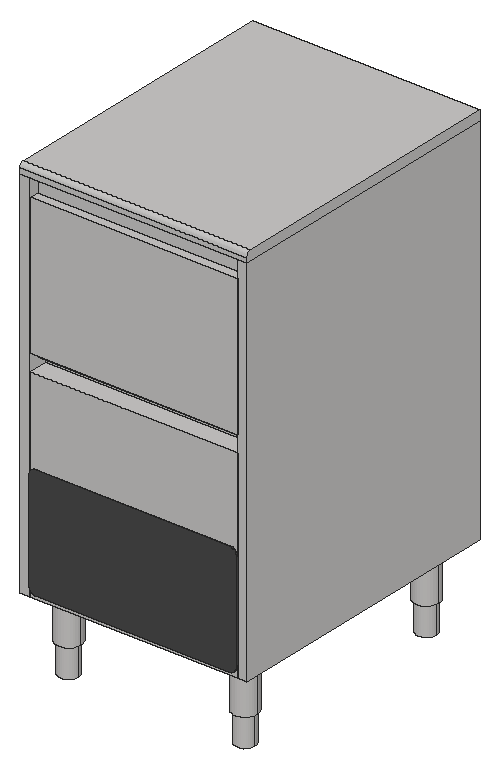
Revit family "QF_ZANUSSI_730287_IGE94I20SNP", category Attrezzature speciali, Revit 2018
Family settings
  Quota connettore circolare = Usa diametro
  Tipo di parte = Normale
  Basato su piano di lavoro = No
  Sempre verticale = Sì
  Taglio con vuoti quando caricato = No
  Condiviso = No
  Punto di calcolo locali = No
Parameters (values of type "Standard")
  Weight = 58.00 kg
  Watts = 0 W
  Volts = 220 V
  URL Manufacturer = "http://www.zanussiprofessional.com"
  URL = "http://www.zanussiprofessional.com"
  Steam Supply Size = 0 mm
  Steam Supply Minimum Pressure = 0.0 Pa
  Steam Supply Maximum Pressure = 0.0 Pa
  Steam Pounds per Hour = 0
  Show Logo [instance] = yes
  Show Clearance [instance] = yes
  Refrigeration Suction Line Size = 0 mm
  Refrigeration Liquid Line Size = 0 mm
  Refrigerant Compressor Remote = yes
  Produttore = "Zanussi"
  Phase = 1
  Modello = "IGE94I20SNP"
  Length Actual = 465 mm  # constant formula
  Item Number = "730287"
  Hot Water Size = 0 mm
  Height Actual = 889 mm  # constant formula
  HP = "0 HP"
  Gas Size = 0 mm
  Gas KW = 0
  Gas Input Pressure = 0 W
  Descrizione = "AIR COOLED GRANULAR ICE XS 94KG/24H-BIN 20KG"
  Depth Actual = 595 mm  # constant formula
  Cycle = 50 Hz
  Condensate Return Size = 0 mm
  Compressed Air Volume = 0.0 L/s
  Compressed Air Size = 0 mm
  Compressed Air Pressure = 0.0 Pa
  Cold Water Size = 19.05 mm
  Accessory = yes
Reference planes
  plane 1 "Center X": y = 272.851
  plane 2: z = 0
  plane 3 "Center Y": x = -501.5
  plane 4 "LEFT": x = -734
  plane 5 "RIGHT": x = -269
  plane 6 "FRONT": y = -24.649
  plane 7 "BACK": y = 570.351
  plane 8: z = 155
  plane 9: z = 943
  plane 10: z = 923
  plane 11: x = -714
  plane 12: x = -289
  plane 13: y = 15.351
Forms (mm)
  Extrusion 1, solid, material "QF_Finishes_Black"
    sketch origin (-217.296, -24.649, 371.513) x (-1, 0, 0) y (0, 0, -1)
      loop
        arc (481.704, -21.487) -> (492.311, -17.093) -> (496.704, -6.487) r 15
        line (496.704, -6.487) -> (496.704, 194.469)
        arc (496.704, 194.469) -> (492.311, 205.075) -> (481.704, 209.469) r 15
        line (481.704, 209.469) -> (86.704, 209.469)
        arc (86.704, 209.469) -> (76.097, 205.075) -> (71.704, 194.469) r 15
        line (71.704, 194.469) -> (71.704, -6.487)
        arc (71.704, -6.487) -> (76.097, -17.093) -> (86.704, -21.487) r 15
        line (86.704, -21.487) -> (481.704, -21.487)
    from 0 to 2
  Extrusion 2, solid, material "QF_Finishes_Stainless Steel"
    sketch origin (-501.5, 0, 0) x (0, 1, 0) y (0, 0, 1)
      loop
        line (570.351, 923) -> (570.351, 943) -> (-14.649, 943)
        arc (-14.649, 943) -> (-21.72, 940.071) -> (-24.649, 933) r 10
        line (-24.649, 933) -> (-24.649, 923) -> (570.351, 923)
    from -232.5 to 232.5
  Extrusion 3, solid, material "QF_Finishes_Stainless Steel"
    sketch origin (-321.2, 570.351, -329.545) x (1, 0, 0) y (0, 0, -1)
      loop
        circle (-16.8, -655.545) r 10
    from 0 to 10
  Extrusion 4, solid, material "QF_Finishes_Stainless Steel"
    sketch origin (0, 0, 0) x (1, 0, 0) y (0, 1, 0)
      loop
        line (-734, 570.351) -> (-734, -24.649) -> (-714, -24.649) -> (-714, 570.351) -> (-734, 570.351)
    from 155 to 923
  Extrusion 5, solid, material "QF_Finishes_Stainless Steel"
    sketch origin (0, 0, 0) x (1, 0, 0) y (0, 1, 0)
      loop
        line (-289, 570.351) -> (-289, -24.649) -> (-269, -24.649) -> (-269, 570.351) -> (-289, 570.351)
    from 155 to 923
  Extrusion 6, solid, material "QF_Finishes_Stainless Steel"
    sketch origin (0, 0, 0) x (1, 0, 0) y (0, 1, 0)
      loop
        line (-714, 570.351) -> (-714, 15.351) -> (-289, 15.351) -> (-289, 570.351) -> (-714, 570.351)
    from 155 to 923
  Extrusion 7, solid, material "QF_Finishes_Stainless Steel"
    sketch origin (0, 0, 0) x (1, 0, 0) y (0, 1, 0)
      loop
        line (-714, -24.649) -> (-289, -24.649) -> (-289, 15.351) -> (-714, 15.351) -> (-714, -24.649)
    from 155 to 567.953
  Extrusion 8, solid, material "QF_Finishes_Stainless Steel"
    sketch origin (-501.5, 0, 0) x (0, 1, 0) y (0, 0, 1)
      loop
        line (15.351, 923) -> (-4.649, 923) -> (-4.649, 887) -> (-24.649, 887) -> (-24.649, 601.652) -> (-4.649, 601.652) -> (-4.649, 586.652) -> (15.351, 586.652) -> (15.351, 923)
    from -212.5 to 212.5
  Extrusion 9, solid, material "QF_Finishes_Stainless Steel"
    sketch origin (-303.2, 570.351, -440.545) x (1, 0, 0) y (0, 0, -1)
      loop
        circle (-16.8, -655.545) r 10
    from 0 to 10
  Extrusion 10, solid, material "QF_Finishes_Stainless Steel"
    sketch origin (-363.2, 570.351, -361.545) x (1, 0, 0) y (0, 0, -1)
      loop
        circle (-16.8, -655.545) r 10
    from 0 to 10
Lines and regions (mm)
  Split face 1
    outline origin (-501.5, -4.649, 923) x (0, 0, -1) y (1, 0, 0)
      loop
        line (5.715, 89.928) -> (30.715, 89.928) -> (30.715, 129.928) -> (5.715, 129.928) -> (5.715, 89.928)
  symbolic lines
    curve 1: line (-734, 570.351, 0) -> (-269, 570.351, 0)
    curve 2: line (-734, -24.649, 0) -> (-734, 570.351, 0)
    curve 3: line (-269, -24.649, 0) -> (-734, -24.649, 0)
    curve 4: line (-269, 570.351, 0) -> (-269, -24.649, 0)
Dimensions and locks
  equal spacing: plane 4 "LEFT", plane 3 "Center Y", plane 5 "RIGHT"
  plane 4 "LEFT" to plane 5 "RIGHT" = 465 mm
  equal spacing: plane 7 "BACK", plane 1 "Center X", plane 6 "FRONT"
  plane 7 "BACK" to plane 6 "FRONT" = 595 mm
  plane 8 to plane 2 = 155 mm
  plane 9 to plane 8 = 788 mm
  locked: plane 4 "LEFT" to plane 11 at 20
  locked: plane 12 to plane 5 "RIGHT" at 20
  locked: plane 9 to plane 10 at 20
  locked: plane 13 to plane 6 "FRONT" at 40
  aligned and locked: level to plane 2
  aligned and locked: plane 5 "RIGHT" to Extrusion 2
  aligned and locked: Extrusion 2 to plane 4 "LEFT"
  aligned and locked: Extrusion 4 sketch curve to Extrusion 2  (x2)
  aligned and locked: plane 6 "FRONT" to Extrusion 4 sketch curve
  aligned and locked: Extrusion 4 sketch curve to plane 11
  aligned and locked: Extrusion 5 sketch curve to plane 7 "BACK"
  aligned and locked: plane 12 to Extrusion 5 sketch curve
  aligned and locked: Extrusion 5 sketch curve to Extrusion 2  (x2)
  aligned and locked: plane 10 to Extrusion 4
  aligned and locked: plane 10 to Extrusion 5
  aligned and locked: Extrusion 4 to plane 8
  aligned and locked: Extrusion 5 to plane 8
  aligned and locked: Extrusion 6 sketch curve to Extrusion 4
  aligned and locked: Extrusion 4 to Extrusion 6 sketch curve
  aligned and locked: plane 13 to Extrusion 6 sketch curve
  aligned and locked: Extrusion 6 sketch curve to plane 12
  aligned and locked: plane 10 to Extrusion 6
  aligned and locked: Extrusion 6 to plane 8
  aligned and locked: Extrusion 4 to Extrusion 7 sketch curve
  aligned and locked: Extrusion 7 sketch curve to Extrusion 4
  aligned and locked: plane 13 to Extrusion 7 sketch curve
  aligned and locked: plane 12 to Extrusion 7 sketch curve
  aligned and locked: Extrusion 7 to plane 8
  aligned and locked: plane 12 to Extrusion 8
  aligned and locked: Extrusion 8 to plane 11
Automatic sketch dimensions
  curve 3 to plane 4 "LEFT" = 0 mm
  curve 3 to plane 5 "RIGHT" = 0 mm
  curve 3 to plane 6 "FRONT" = 0 mm
  curve 2 to plane 7 "BACK" = 0 mm
  Extrusion 1 sketch curve to plane 12 = 0 mm
  plane 8 to Extrusion 1 sketch curve = 7.044 mm
  Extrusion 1 sketch curve to Extrusion 1 sketch curve = 15 mm  (x3)
  plane 11 to Extrusion 1 sketch curve = 15 mm  (x2)
  Extrusion 1 sketch curve to Extrusion 1 sketch curve = 200.956 mm
  Extrusion 2 sketch curve to plane 6 "FRONT" = 0 mm
  Extrusion 2 sketch curve to plane 9 = 0 mm
  Extrusion 2 sketch curve to plane 7 "BACK" = 0 mm
  Extrusion 2 sketch curve to plane 10 = 0 mm
  plane 6 "FRONT" to Extrusion 2 sketch curve = 10 mm
  Extrusion 6 to Extrusion 3 sketch curve = 171 mm
  Extrusion 3 sketch curve to Extrusion 6 = 49 mm
  Split face 1 sketch curve to Extrusion 8 = 5.715 mm
  Extrusion 8 to Split face 1 sketch curve = 5.285 mm
  Split face 1 sketch curve to Extrusion 8 = 122.572 mm
  Split face 1 sketch curve to Split face 1 sketch curve = 40 mm
  Extrusion 9 sketch curve to Extrusion 6 = 31 mm
  Extrusion 6 to Extrusion 9 sketch curve = 60 mm
  Extrusion 10 sketch curve to Extrusion 6 = 91 mm
  Extrusion 6 to Extrusion 10 sketch curve = 139 mm
  Extrusion 8 sketch curve to plane 6 "FRONT" = 0 mm
  Extrusion 8 sketch curve to plane 10 = 0 mm
  Extrusion 8 sketch curve to plane 13 = 0 mm
  plane 6 "FRONT" to Extrusion 8 sketch curve = 20 mm
  Extrusion 8 sketch curve to Extrusion 8 sketch curve = 20 mm
  Extrusion 8 sketch curve to plane 10 = 36 mm
  Extrusion 8 sketch curve to Extrusion 8 sketch curve = 285.348 mm
  Extrusion 8 sketch curve to Extrusion 8 sketch curve = 15 mm
  radius of Extrusion 3 sketch curve = 10 mm
  radius of Extrusion 9 sketch curve = 10 mm
  radius of Extrusion 10 sketch curve = 10 mm
Nested families
  nested 1: "Foot_Complete" at (-682, 35.351, 0), type "Foot_Complete"
    with H 155 mm
  nested 2: "Foot_Complete" at (-321, 35.351, 0) x (-1, 0, 0) z (0, 0, 1), type "Foot_Complete"
    with H 155 mm
  nested 3: "Foot_Complete" at (-682, 499.351, 0), type "Foot_Complete"
    with H 155 mm
  nested 4: "Foot_Complete" at (-321, 499.351, 0) x (-1, 0, 0) z (0, 0, 1), type "Foot_Complete"
    with H 155 mm
Connectors
  electrical at (-320, 580.351, 215), driven by "Volts"
    settings: on Extrusion 9, index 1, voltage 220 V, apparent load 0 VA, apparent load phase1 0 VA, apparent load phase2 0 VA, apparent load phase3 0 VA, power factor 1, load classification "Altro", number of poles 1, system type 30, power factor state 1, is connector primary yes, connector utility no, sub classification motor no, connector description "Electrical Connection"
  piping at (-338, 580.351, 326), diameter 20
    settings: on Extrusion 3, index 2, connector inside diameter 609.6 mm, connector length 0 mm, flow factor 0, pipe flow 0.0 L/s, pressure drop 0.0 Pa, fitting loss kfactor 0, connector angle 0.00°, fixture units 0, engagement length 0 mm, angle of deflection 0.00°, flow configuration 0, flow direction 0, fitting loss method 0, system type 20, joint type 0, gender type 0, connector reference index -1, connector utility 0, adjustable connector no, is connector primary yes, connector description "Cold water"
  piping at (-380, 580.351, 294), diameter 20
    settings: on Extrusion 10, index 3, connector inside diameter 609.6 mm, connector length 0 mm, flow factor 0, pipe flow 0.0 L/s, pressure drop 0.0 Pa, fitting loss kfactor 0, connector angle 0.00°, fixture units 0, engagement length 0 mm, angle of deflection 0.00°, flow configuration 0, flow direction 0, fitting loss method 0, system type 16, joint type 0, gender type 0, connector reference index -1, connector utility 0, adjustable connector no, is connector primary no, connector description "Drain"
Definition of nested family "Foot_Complete"
  Parameters (values of type "Foot_Complete")
    R = 25 mm
    H = 153 mm
  Reference planes
    plane 1 "Centro (Fronte/Retro)": y = 0
    plane 2: z = 0
    plane 3 "Centro (Sinistra/Destra)": x = 0
    plane 4: z = 153
  Forms (mm)
    Revolve 1, solid
      sketch origin (255.05, 0, 608.09) x (0, 0, 1) y (-1, 0, 0)
        loop
          line (-608.09, 255.05) -> (-608.09, 235.05) -> (-548.09, 235.05) -> (-548.09, 230.05) -> (-455.09, 230.05) -> (-455.09, 255.05) -> (-608.09, 255.05)
        axis (-608.09, 255.05) -> (-455.09, 255.05)
      angle from 0 to 360
  Dimensions and locks
    level to Revolve 1 sketch curve = 60 mm
    "R": Revolve 1 sketch curve to plane 3 "Centro (Sinistra/Destra)"
    "H": plane 4 to level
    aligned and locked: level to plane 2
    aligned and locked: plane 4 to Revolve 1 sketch curve
    aligned and locked: Revolve 1 sketch curve to level
    aligned and locked: plane 3 "Centro (Sinistra/Destra)" to Revolve 1 sketch curve
  Automatic sketch dimensions
    Revolve 1 sketch curve to plane 3 "Centro (Sinistra/Destra)" = 0 mm
    plane 3 "Centro (Sinistra/Destra)" to Revolve 1 sketch curve = 20 mm
    Revolve 1 sketch curve to Revolve 1 sketch curve = 50 mm
    Revolve 1 sketch curve to Revolve 1 sketch curve = 20 mm
